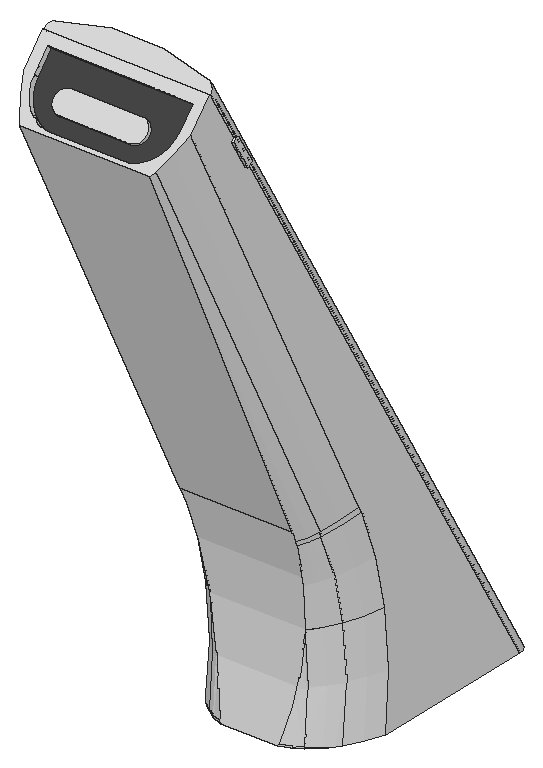
Revit family "Plumbing-Faucet-Sloan-Valve-EFX-800_", category Plumbing Fixtures, host Face, Revit 2020
Family settings
  Host = Face
  Round Connector Dimension = Use Diameter
  Part Type = Normal
  OmniClass Number = 23.45.55.14
  OmniClass Title = Single Faucets
  Cut with Voids When Loaded = No
  Shared = No
  Room Calculation Point = No
Parameters (values of type "EFX-800-BOX-BDM-CP-1.5GPM-IR-FCT")
  Width = 2"  # constant formula
  Water Inlet Connection Diameter = 3/8"  # constant formula
  Water Inlet Connection Description = "Pretempered Water Supply Connection"  # constant formula
  Water Flow = 1.5 GPM
  Waste Connection = no
  WFU = 0
  Voltage = 24 V
  Vent Connection = no
  Valve Pressure Drop = 0.00 psi
  URL = "www.sloanvalve.com"
  Product data url = "https://bimobject.com/sloan_valve/product/faucets_basys_EFX-800"
  Product Material = Sloan Valve - Finish - Polished Chrome
  Power Factor = 1
  Part Number = "3324072"
  Number of Poles = 1
  Model = "EFX-800-BOX-BDM-CP-1.5GPM-IR-FCT"
  Manufacturer = "Sloan Valve"  # constant formula
  Keynote = "15410"
  Height = 5.56"  # constant formula
  HWFU = 1.5
  HW Connection = yes
  Edition number = 1
  Description = "Box Transformer Power Supply, Below Deck Manual Mixing Valve, Polished Chrome Finish, 1.5 gpm, Aerated (installed) or Laminar (in box) Spray, Infrared Sensor, BASYS® Hardwired-Powered WallMounted Wall Body."
  Depth = 8.23"  # constant formula
  Default Elevation = 0"  # constant formula
  Current = 0 A
  Connector Description = "Electrical Connection"  # constant formula
  CWFU = 1.5
  CW Connection = yes
  Assembly Code = "D2010"
  Apparent Load = (Voltage * Current) / (Power Factor * Number of Poles)  # 0 VA
Types (9): name | Water Flow | Voltage | Part Number | Model | Description
  EFX-800-BOX-BDM-CP-1.5GPM-IR-FCT | 1.5 GPM | 24 V | "3324072" | "EFX-800-BOX-BDM-CP-1.5GPM-IR-FCT" | "Box Transformer Power Supply, Below Deck Manual Mixing Valve, Polished Chrome Finish, 1.5 gpm, Aerated (installed) or Laminar (in box) Spray, Infrared Sensor, BASYS® Hardwired-Powered WallMounted Wall Body."
  EFX-800-BOX-TEE-CP-0.5GPM-MLM-IR-FCT | 0.5 GPM | 24 V | "3324445" | "EFX-800-BOX-TEE-CP-0.5GPM-MLM-IR-FCT" | "Box Transformer Power Supply, Back-Check Tee, Polished Chrome Finish, 0.5 gpm, Multi-Laminar Spray, Infrared Sensor, BASYS® Hardwired-Powered Wall-Mounted Wall Body."
  EFX-800-HLP-BDT-CP-0.5GPM-MLM-IR-FCT | 0.5 GPM | 6 V | "3324338" | "EFX-800-HLP-BDT-CP-0.5GPM-MLM-IR-FCT" | "Hardwired Less Plug Power Supply, Below Deck Thermostatic Mixing Valve, Polished Chrome Finish, 0.5 gpm, Multi-Laminar Spray, Infrared Sensor, BASYS® Hardwired-Powered Wall-Mounted Wall Body."
  EFX-800-HLP-TEE-CP-0.5GPM-MLM-IR-FCT | 0.5 GPM | 6 V | "3324335" | "EFX-800-HLP-TEE-CP-0.5GPM-MLM-IR-FCT" | "Hardwired Less Plug Power Supply, Back-Check Tee, Polished Chrome Finish, 0.5 gpm, Multi-Laminar Spray, Infrared Sensor, BASYS® Hardwired-Powered Wall-Mounted Wall Body."
  EFX-800-HLP-TEE-CP-1.5GPM-IR-FCT | 1.5 GPM | 6 V | "3324055" | "EFX-800-HLP-TEE-CP-1.5GPM-IR-FCT" | "Hardwired Less Plug Power Supply, Back-Check Tee, Polished Chrome Finish, 1.5 gpm, Aerated (installed) or Laminar (in box) Spray, Infrared Sensor, BASYS® Hardwired-Powered Wall-Mounted Wall Body."
  EFX-800-PLG-BDM-CP-1.5GPM-IR-FCT | 1.5 GPM | 6 V | "3324333" | "EFX-800-PLG-BDM-CP-1.5GPM-IR-FCT" | "Plug Adapter Power Supply, Below Deck Manual Mixing Valve, Polished Chrome Finish, 1.5 gpm, Aerated (installed) or Laminar (in box) Spray, Infrared Sensor, BASYS® Hardwired-Powered Wall-Mounted Wall Body."
  EFX-800-PLG-BDT-CP-1.5GPM-IR-FCT | 1.5 GPM | 6 V | "3324348" | "EFX-800-PLG-BDT-CP-1.5GPM-IR-FCT" | "Plug Adapter Power Supply, Below Deck Thermostatic Mixing Valve, Polished Chrome Finish, 1.5 gpm, Aerated (installed) or Laminar (in box) Spray, Infrared Sensor, BASYS® Hardwired-Powered WallMounted Wall Body."
  EFX-800-PLG-TEE-CP-0.5GPM-MLM-IR-FCT | 0.5 GPM | 6 V | "3324251" | "EFX-800-PLG-TEE-CP-0.5GPM-MLM-IR-FCT" | "Plug Adapter Power Supply, Back-Check Tee, Polished Chrome Finish, 0.5 gpm, Multi-Laminar Spray, Infrared Sensor, BASYS® HardwiredPowered Wall-Mounted Wall Body."
  EFX-800-PLG-TEE-CP-1.5GPM-IR-FCT | 1.5 GPM | 6 V | "3324248" | "EFX-800-PLG-TEE-CP-1.5GPM-IR-FCT" | "Plug Adapter Power Supply, Back-Check Tee, Polished Chrome Finish, 1.5 gpm, Aerated (installed) or Laminar (in box) Spray, Infrared Sensor, BASYS® Hardwired-Powered Wall-Mounted Wall Body."
Reference planes (in)
  plane 1 "Center (Front/Back)": y = 0
  plane 2: z = 0
  plane 3 "Center (Left/Right)": x = 0
  plane 4: x = 0
Dimensions and locks (in)
  plane 3 "Center (Left/Right)" to plane 4 = 0"
  group 2 to group 1 = 0.30128"
  group 1 to group 2 = 0"  (x2)
  aligned and locked: plane 2 to host face
  aligned and locked: level to host face
  aligned and locked: plane 4 to nested 2
  aligned and locked: plane 1 "Center (Front/Back)" to nested 1
Nested families (in)
  nested 1: "Connection" at (0.30128, 0, 0) x (-1, 0, 0) z (0, 0, -1), type "Connection"
  nested 2: "Connection" at (0, 0, 0) x (-1, 0, 0) z (0, 0, -1), type "Connection"
  nested 3: "Geometry" at (0, 0, 0), type "Geometry"
Connectors (in)
  piping at (0, 0, 0), diameter 0.375, driven by "CWFU", driven by "Valve Pressure Drop", driven by "Water Flow", driven by "Water Inlet Connection Diameter", driven by "Water Inlet Connection Description"
    settings: on nested 2, index 2, connector inside diameter 24", connector length 0", flow factor 0, pipe flow 1.5 GPM, pressure drop 0.00 psi, fitting loss kfactor 0, connector angle 0.00°, fixture units 1.5, engagement length 0", angle of deflection 0.00°, flow configuration 1, flow direction 1, fitting loss method 4, system type 20, joint type 0, gender type 0, connector reference index -1, connector utility 0, adjustable connector no, is connector primary yes, connector description "Pretempered Water Supply Connection"
  electrical at (-0.00186, -0.88294, 0), driven by "Number of Poles", driven by "Voltage", driven by "Apparent Load", driven by "Power Factor", driven by "Connector Description"
    settings: on nested 3, index 3, voltage 24 V, apparent load 0 VA, apparent load phase1 0 VA, apparent load phase2 0 VA, apparent load phase3 0 VA, power factor 1, load classification "Other", number of poles 1, system type 31, power factor state 1, is connector primary yes, connector utility no, sub classification motor no, connector description "Electrical Connection"
Definition of nested family "Geometry"
  Parameters (values of type "Geometry")
    URL = ""
    Product Material = none
    Model = ""
    Manufacturer = ""
    Keynote = ""
    Description = ""
    Default Elevation = 0"
    Assembly Code = ""
  Reference planes (in)
    plane 1 "Center (Front/Back)": y = 0
    plane 2: z = 0
    plane 3 "Center (Left/Right)": x = 0
  Forms (in)
    Extrusion 1, solid
      sketch origin (0, 0, 0) x (1, 0, 0) y (0, 1, 0)
        loop
          line (-48, 48) -> (-48, -48) -> (48, -48) -> (48, 48) -> (-48, 48)
      from 0 to -12
    Extrusion 2, solid, material <- "Product Material"
      sketch origin (-0.00186, 0.99877, 0.32469) x (1, 0, 0) y (0, 0.866025, 0.5)
        loop
          line (-1, 0) -> (1, 0)
          arc (1, 0) -> (0.9821, 0.07054) -> (0.92494, 0.11558) r 0.11312
          arc (0.92494, 0.11558) -> (0, 0.25) -> (-0.92494, 0.11558) r 3.24955
          arc (-0.92494, 0.11558) -> (-0.9821, 0.07054) -> (-1, 0) r 0.11312
      from -1.14463 to 9.00601
    Extrusion 3, solid, material <- "Product Material"
      sketch origin (-0.00186, -4.0851, 0) x (0, 1, 0) y (0, 0, 1)
        loop
          line (5.27132, 0) -> (0.63991, 8.02185) -> (0.01991, 7.33327) -> (2.27451, 2.49827)
          arc (2.27451, 2.49827) -> (2.59919, 1.26705) -> (2.47314, 0) r 3.58579
          line (2.47314, 0) -> (5.27132, 0)
      from -1 to 1
    Sweep 4, void
      path origin (-0.00186, -4.0851, 0) x (0, 1, 0) y (0, 0, 1)
        loop
          line (-0.40422, 8.05545) -> (2.4044, 2.39281)
          arc (2.4044, 2.39281) -> (2.41848, 2.36378) -> (2.43206, 2.33452) r 1.86162
          arc (2.43206, 2.33452) -> (2.62283, 1.82655) -> (2.74453, 1.29775) r 4.08117
          arc (2.74453, 1.29775) -> (2.79644, 0.64887) -> (2.74453, 0) r 4.08117
          line (2.74453, 0) -> (2.74453, -0.34249)
      profile origin (-0.00186, -1.34057, -0.17124) x (1, 0, 0) y (0, 1, 0)
        loop
          arc (0.56752, -0.15241) -> (0, -0.33354) -> (-0.56752, -0.15241) r 0.97963
          arc (-0.56752, -0.15241) -> (-0.70454, -0.03189) -> (-0.81385, 0.11423) r 0.88276
          arc (-0.81385, 0.11423) -> (-1.01402, 0.56524) -> (-1.10027, 1.05108) r 2.04378
          line (-1.10027, 1.05108) -> (-1.29946, 1.05108) -> (-1.29946, -0.79071) -> (1.20054, -0.79071) -> (1.20054, 1.05108) -> (1.10027, 1.05108)
          arc (1.10027, 1.05108) -> (1.01402, 0.56524) -> (0.81385, 0.11423) r 2.04378
          arc (0.81385, 0.11423) -> (0.70454, -0.03189) -> (0.56752, -0.15241) r 0.88276
    Extrusion 5, void
      sketch origin (-0.00186, -4.0851, 0) x (0, 1, 0) y (0, 0, 1)
        loop
          line (0.60423, 7.96057) -> (0.92149, 8.33866) -> (0.65665, 8.60351) -> (0.28314, 8.23) -> (0.60423, 7.96057)
      from -1.48305 to 1.4416
    Extrusion 6, void
      sketch origin (-0.00186, -4.0851, 0) x (0, 1, 0) y (0, 0, 1)
        loop
          line (5.0738, 0) -> (5.0738, -0.79904) -> (6.02132, -0.79904) -> (6.02132, 0) -> (5.0738, 0)
      from -1.29946 to 1.20054
    Extrusion 7, solid, material <- "Product Material"
      sketch origin (-0.00186, 0.99877, 0.32469) x (1, 0, 0) y (0, 0.866025, 0.5)
        loop
          line (-0.96861, 0) -> (0.96861, 0)
          arc (0.96861, 0) -> (0.95676, 0.05217) -> (0.91522, 0.08587) r 0.08187
          arc (0.91522, 0.08587) -> (0, 0.21875) -> (-0.91522, 0.08587) r 3.2183
          arc (-0.91522, 0.08587) -> (-0.95676, 0.05217) -> (-0.96861, 0) r 0.08187
      from -0.26023 to 8.86027
    Extrusion 8, void
      sketch origin (-0.00186, -4.12355, 7.26845) x (0, 0.669131, 0.743145) y (1, 0, 0)
        loop
          line (0.8805, -0.875) -> (0.8805, 0.875) -> (0.58756, 0.875)
          arc (0.58756, 0.875) -> (0.26048, 0.73952) -> (0.125, 0.41244) r 0.46256
          line (0.125, 0.41244) -> (0.125, -0.41244)
          arc (0.125, -0.41244) -> (0.26048, -0.73952) -> (0.58756, -0.875) r 0.46256
          line (0.58756, -0.875) -> (0.8805, -0.875)
      from 0 to 0.0625
    Extrusion 9, solid, material <- "Product Material"
      sketch origin (-0.00186, -4.0851, 0) x (0, 1, 0) y (0, 0, 1)
        loop
          line (0.94439, 7.38311) -> (1.15472, 7.01882) -> (1.20952, 7.05441)
          arc (1.20952, 7.05441) -> (1.21822, 7.06672) -> (1.21605, 7.08163) r 0.02034
          line (1.21605, 7.08163) -> (1.02969, 7.40442)
          arc (1.02969, 7.40442) -> (1.01757, 7.41398) -> (1.00219, 7.41257) r 0.02083
          line (1.00219, 7.41257) -> (0.94439, 7.38311)
      from 0.95928 to 1.03471
    Extrusion 10, solid, material <- "Product Material"
      sketch origin (4.38132, 13.22574, 26.46104) x (0, 0.669131, 0.743145) y (-1, 0, 0)
        loop
          line (-25.56439, 4.80702) -> (-25.56439, 3.95936)
          arc (-25.56439, 3.95936) -> (-25.42572, 3.82069) -> (-25.28705, 3.95936) r 0.13867
          line (-25.28705, 3.95936) -> (-25.28705, 4.80702)
          arc (-25.28705, 4.80702) -> (-25.42572, 4.94569) -> (-25.56439, 4.80702) r 0.13867
      from 0.03447 to 0.0625
  Cuts and joins
    Sweep 4, Extrusion 8 cuts Extrusion 3
    Extrusion 5, Extrusion 6 cuts Extrusion 2
  Lines and regions (in)
    Masking region 1
      outline origin (0, 0, 0) x (1, 0, 0) y (0, 0, 1)
        loop
          line (0.99814, 0) -> (0.99814, 8.08593)
          spline (0.99814, 8.08593) -> (0.83621, 8.12496) -> (0.6717, 8.15706) -> (0.50513, 8.18214) -> (0.337, 8.2001) -> (0.16783, 8.2109) -> (-0.00186, 8.2145) -> (-0.17156, 8.2109) -> (-0.34073, 8.2001) -> (-0.50886, 8.18214) -> (-0.67543, 8.15706) -> (-0.83994, 8.12496) -> (-1.00186, 8.08593)
          line (-1.00186, 8.08593) -> (-1.00186, 0) -> (0.99814, 0)
    Masking region 2, detail levels fine
      outline origin (0, 0, 0) x (1, 0, 0) y (0, 0, 1)
        loop
          line (1.03285, 7.41484) -> (0.99513, 7.41484) -> (0.99513, 7.01882) -> (1.03285, 7.01882) -> (1.03285, 7.41484)
    symbolic lines, detail levels medium+fine
      curve 1: line (0.92307, 0, 0) -> (0.92307, 0, 8.10496)
      curve 2: line (-0.9268, 0, 0) -> (-0.9268, 0, 8.10496)
  Dimensions and locks (in)
    aligned and locked: plane 2 to Extrusion 1
    aligned and locked: level to Extrusion 1
Definition of nested family "Connection"
  Parameters (values of type "Connection")
    Default Elevation = 48"
  Reference planes (in)
    plane 1 "Center (Front/Back)": y = 0
    plane 2: z = 0
    plane 3 "Center (Left/Right)": x = 0
  Forms (in)
    Extrusion 1, solid
      sketch origin (0, 0, 0) x (1, 0, 0) y (0, 1, 0)
        loop
          line (-48, 48) -> (-48, -48) -> (48, -48) -> (48, 48) -> (-48, 48)
      from 0 to -12
    Extrusion 2, solid, not visible
      sketch origin (0, 0, 0) x (1, 0, 0) y (0, 1, 0)
        loop
          circle (0, 0) r 0.19685
      from 0.25126 to 0
  Dimensions and locks (in)
    aligned and locked: plane 2 to Extrusion 1
    aligned and locked: level to Extrusion 1
